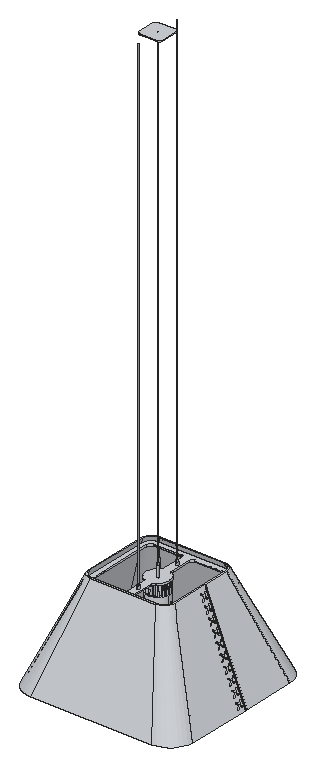
Revit family "BuzziSpace - BuzziShade - Square2", category Lighting Fixtures, host Ceiling, Revit 2019
Family settings
  Host = Ceiling
  Round Connector Dimension = Use Diameter
  Part Type = Normal
  OmniClass Number = 23.80.70.11
  OmniClass Title = Luminaries for Internal Lighting
  Always vertical = Yes
  Cut with Voids When Loaded = No
  Light Source = Yes
  Shared = No
  Room Calculation Point = No
Parameters (values of type "Spot Medium")
  Width Toggle [instance] = if(Beam, 2, 1)  # 1
  Wattage = 12.1178 W
  built-in parameter 1150110 = 1 (stored number, unit not read)
  URL = "https://www.buzzi.space/acoustic-solutions/buzzishade-square"
  built-in parameter 1114217 = 1 (stored number, unit not read)
  built-in parameter 1150109 = 1 (stored number, unit not read)
  built-in parameter 1150134 = (empty or 0)
  Suspension Length Control [instance] = if(Suspension Length > 16' 4 109/128", 16' 4 109/128", if(Suspension Length < 2' 0", 2' 0", Suspension Length))  # 7' - 0"
  Suspension Length [instance] = 7' - 0"
  built-in parameter 1150113 = 1 (stored number, unit not read)
  Solo Cable Adjustment [instance] = 0' - 0 13/16"
  Mounting [instance] = none
  Model = "BuzziShade"  # constant formula
  Medium = not(Beam)  # yes
  Manufacturer = "BuzziSpace"  # constant formula
  Lumens = 1800 lm
  built-in parameter 1150115 = 1 (stored number, unit not read)
  built-in parameter 1150105 = 143.24 (stored number, unit not read)
  Light Toggle = 3
  Light Source Symbol Size = 1' - 6"
  Light Offset [instance] = Suspension Length Control + 1' 0"  # 8' - 0"
  built-in parameter 1150137 = (empty or 0)
  built-in parameter 1150139 = (empty or 0)
  built-in parameter 1150112 = 1 (stored number, unit not read)
  built-in parameter 1150114 = 1 (stored number, unit not read)
  Lace [instance] = none
  built-in parameter 1150132 = 2
  built-in parameter 1150102 = (empty or 0)
  built-in parameter 1150138 = (empty or 0)
  built-in parameter 1150107 = 3000 (stored number, unit not read)
  built-in parameter 1150106 = 1.4324 (stored number, unit not read)
  Mounting Suspension Length [instance] = if(Beam, Suspension Length Control + 0' 2 7/8", Suspension Length Control + 0' 1 57/64")  # 7' - 1 57/64"
  Glass [instance] = none
  Frame [instance] = none
  Felt [instance] = none
  built-in parameter 1150104 = 13.8 (stored number, unit not read)
  Dimming Lamp Color Temperature Shift = <None>
  Description = "BuzziShade Square"  # constant formula
  Color Filter = 16777215
  Cable [instance] = none
  Beam = no
  built-in parameter 1114218 = 1 (stored number, unit not read)
  Author URL = "https://www.ottobim.com/"
  Author = "ottobim"  # constant formula
  built-in parameter 1150133 = 10 (stored number, unit not read)
Reference planes (in)
  plane 1 "Light Source Axis (F/B)": y = 0
  plane 2 "Ceiling": z = 96
  plane 3 "Light Source Axis (L/R)": x = 0
  plane 4 "Light Source Elevation": z = 0
  plane 5 "Mask": z = 0
Forms (in)
  Revolve 1, solid, material <- "Cable", visible <- "Medium"
    sketch origin (0, 0, 0) x (0, 1, 0) y (0, 0, 1)
      loop
        line (4.24371, 96) -> (4.21246, 96) -> (4.21246, 10.10192) -> (4.14464, 10.10192) -> (4.14464, 9.77103) -> (4.04534, 9.77103) -> (4.04534, 9.375) -> (4.24371, 9.375) -> (4.24371, 96)
      axis (4.24371, 9.375) -> (4.24371, 96)
    angle from 0 to 360
  Revolve 2, solid, material <- "Cable", visible <- "Medium"
    sketch origin (0, -8.54025, 0) x (0, 1, 0) y (0, 0, 1)
      loop
        line (4.24371, 96) -> (4.21246, 96) -> (4.21246, 10.10192) -> (4.14464, 10.10192) -> (4.14464, 9.77103) -> (4.04534, 9.77103) -> (4.04534, 9.375) -> (4.24371, 9.375) -> (4.24371, 96)
      axis (4.24371, 9.375) -> (4.24371, 96)
    angle from 0 to 360
Lines and regions (in)
  Masking region 1, visible <- "Medium"
    outline origin (0, 0, 48) x (-1, 0, 0) y (0, -1, 0)
      loop
        arc (14.79872, 10.73976) -> (13.62715, 13.56819) -> (10.79872, 14.73976) r 4
        line (10.79872, 14.73976) -> (-10.79872, 14.73976)
        arc (-10.79872, 14.73976) -> (-13.62715, 13.56819) -> (-14.79872, 10.73976) r 4
        line (-14.79872, 10.73976) -> (-14.79872, -10.73976)
        arc (-14.79872, -10.73976) -> (-13.62715, -13.56819) -> (-10.79872, -14.73976) r 4
        line (-10.79872, -14.73976) -> (10.79872, -14.73976)
        arc (10.79872, -14.73976) -> (13.62715, -13.56819) -> (14.79872, -10.73976) r 4
        line (14.79872, -10.73976) -> (14.79872, 10.73976)
      loop
        arc (5.86565, -6.73526) -> (6.51081, -6.46803) -> (6.77805, -5.82286) r 0.9124
        line (6.77805, -5.82286) -> (6.77805, 5.82286)
        arc (6.77805, 5.82286) -> (6.51081, 6.46803) -> (5.86565, 6.73526) r 0.9124
        line (5.86565, 6.73526) -> (1.33716, 6.73526)
        arc (1.33716, 6.73526) -> (0.85342, 6.53489) -> (0.65305, 6.05116) r 0.68411
        line (0.65305, 6.05116) -> (0.65305, 2.43789)
        arc (0.65305, 2.43789) -> (0.75854, 2.04419) -> (1.04675, 1.75598) r 0.7874
        arc (1.04675, 1.75598) -> (2.06057, 0) -> (1.04675, -1.75598) r 2.02763
        arc (1.04675, -1.75598) -> (0.75854, -2.04419) -> (0.65305, -2.43789) r 0.7874
        line (0.65305, -2.43789) -> (0.65305, -6.15357)
        arc (0.65305, -6.15357) -> (0.82343, -6.56489) -> (1.23474, -6.73526) r 0.58169
        line (1.23474, -6.73526) -> (5.86565, -6.73526)
      loop
        arc (-0.65305, -2.43789) -> (-0.75854, -2.04419) -> (-1.04675, -1.75598) r 0.7874
        arc (-1.04675, -1.75598) -> (-2.06057, 0) -> (-1.04675, 1.75598) r 2.02763
        arc (-1.04675, 1.75598) -> (-0.75854, 2.04419) -> (-0.65305, 2.43789) r 0.7874
        line (-0.65305, 2.43789) -> (-0.65305, 6.05116)
        arc (-0.65305, 6.05116) -> (-0.85342, 6.53489) -> (-1.33716, 6.73526) r 0.68411
        line (-1.33716, 6.73526) -> (-5.86565, 6.73526)
        arc (-5.86565, 6.73526) -> (-6.51081, 6.46803) -> (-6.77805, 5.82286) r 0.9124
        line (-6.77805, 5.82286) -> (-6.77805, -5.82286)
        arc (-6.77805, -5.82286) -> (-6.51081, -6.46803) -> (-5.86565, -6.73526) r 0.9124
        line (-5.86565, -6.73526) -> (-1.23474, -6.73526)
        arc (-1.23474, -6.73526) -> (-0.82343, -6.56489) -> (-0.65305, -6.15357) r 0.58169
        line (-0.65305, -6.15357) -> (-0.65305, -2.43789)
  Masking region 2, visible <- "Beam"
    outline origin (0, 0, 0) x (-1, 0, 0) y (0, -1, 0)
      loop
        arc (25.48622, -14.73976) -> (28.31465, -13.56819) -> (29.48622, -10.73976) r 4
        line (29.48622, -10.73976) -> (29.48622, 10.73976)
        arc (29.48622, 10.73976) -> (28.31465, 13.56819) -> (25.48622, 14.73976) r 4
        line (25.48622, 14.73976) -> (-25.48622, 14.73976)
        arc (-25.48622, 14.73976) -> (-28.31465, 13.56819) -> (-29.48622, 10.73976) r 4
        line (-29.48622, 10.73976) -> (-29.48622, -10.73976)
        arc (-29.48622, -10.73976) -> (-28.31465, -13.56819) -> (-25.48622, -14.73976) r 4
        line (-25.48622, -14.73976) -> (25.48622, -14.73976)
      loop
        arc (21.46555, 5.82286) -> (21.19831, 6.46803) -> (20.55315, 6.73526) r 0.9124
        line (20.55315, 6.73526) -> (16.02466, 6.73526)
        arc (16.02466, 6.73526) -> (15.54092, 6.53489) -> (15.34055, 6.05116) r 0.68411
        line (15.34055, 6.05116) -> (15.34055, 2.43789)
        arc (15.34055, 2.43789) -> (15.44604, 2.04419) -> (15.73425, 1.75598) r 0.7874
        arc (15.73425, 1.75598) -> (16.74807, 0) -> (15.73425, -1.75598) r 2.02763
        arc (15.73425, -1.75598) -> (15.44604, -2.04419) -> (15.34055, -2.43789) r 0.7874
        line (15.34055, -2.43789) -> (15.34055, -6.15357)
        arc (15.34055, -6.15357) -> (15.51093, -6.56489) -> (15.92224, -6.73526) r 0.58169
        line (15.92224, -6.73526) -> (20.55315, -6.73526)
        arc (20.55315, -6.73526) -> (21.19831, -6.46803) -> (21.46555, -5.82286) r 0.9124
        line (21.46555, -5.82286) -> (21.46555, 5.82286)
      loop
        line (14.15945, -6.15357) -> (14.15945, -2.43789)
        arc (14.15945, -2.43789) -> (14.05396, -2.04419) -> (13.76575, -1.75598) r 0.7874
        arc (13.76575, -1.75598) -> (12.75193, 0) -> (13.76575, 1.75598) r 2.02763
        arc (13.76575, 1.75598) -> (14.05396, 2.04419) -> (14.15945, 2.43789) r 0.7874
        line (14.15945, 2.43789) -> (14.15945, 6.05116)
        arc (14.15945, 6.05116) -> (13.95908, 6.53489) -> (13.47534, 6.73526) r 0.68411
        line (13.47534, 6.73526) -> (1.27466, 6.73526)
        arc (1.27466, 6.73526) -> (0.79092, 6.53489) -> (0.59055, 6.05116) r 0.68411
        line (0.59055, 6.05116) -> (0.59055, 2.43789)
        arc (0.59055, 2.43789) -> (0.69604, 2.04419) -> (0.98425, 1.75598) r 0.7874
        arc (0.98425, 1.75598) -> (1.99807, 0) -> (0.98425, -1.75598) r 2.02763
        arc (0.98425, -1.75598) -> (0.69604, -2.04419) -> (0.59055, -2.43789) r 0.7874
        line (0.59055, -2.43789) -> (0.59055, -6.15357)
        arc (0.59055, -6.15357) -> (0.76093, -6.56489) -> (1.17224, -6.73526) r 0.58169
        line (1.17224, -6.73526) -> (13.57776, -6.73526)
        arc (13.57776, -6.73526) -> (13.98907, -6.56489) -> (14.15945, -6.15357) r 0.58169
      loop
        line (-0.59055, -6.15357) -> (-0.59055, -2.43789)
        arc (-0.59055, -2.43789) -> (-0.69604, -2.04419) -> (-0.98425, -1.75598) r 0.7874
        arc (-0.98425, -1.75598) -> (-1.99807, 0) -> (-0.98425, 1.75598) r 2.02763
        arc (-0.98425, 1.75598) -> (-0.69604, 2.04419) -> (-0.59055, 2.43789) r 0.7874
        line (-0.59055, 2.43789) -> (-0.59055, 6.05116)
        arc (-0.59055, 6.05116) -> (-0.79092, 6.53489) -> (-1.27466, 6.73526) r 0.68411
        line (-1.27466, 6.73526) -> (-13.47534, 6.73526)
        arc (-13.47534, 6.73526) -> (-13.95908, 6.53489) -> (-14.15945, 6.05116) r 0.68411
        line (-14.15945, 6.05116) -> (-14.15945, 2.43789)
        arc (-14.15945, 2.43789) -> (-14.05396, 2.04419) -> (-13.76575, 1.75598) r 0.7874
        arc (-13.76575, 1.75598) -> (-12.75193, 0) -> (-13.76575, -1.75598) r 2.02763
        arc (-13.76575, -1.75598) -> (-14.05396, -2.04419) -> (-14.15945, -2.43789) r 0.7874
        line (-14.15945, -2.43789) -> (-14.15945, -6.15357)
        arc (-14.15945, -6.15357) -> (-13.98907, -6.56489) -> (-13.57776, -6.73526) r 0.58169
        line (-13.57776, -6.73526) -> (-1.17224, -6.73526)
        arc (-1.17224, -6.73526) -> (-0.76093, -6.56489) -> (-0.59055, -6.15357) r 0.58169
      loop
        arc (-15.34055, -2.43789) -> (-15.44604, -2.04419) -> (-15.73425, -1.75598) r 0.7874
        arc (-15.73425, -1.75598) -> (-16.74807, 0) -> (-15.73425, 1.75598) r 2.02763
        arc (-15.73425, 1.75598) -> (-15.44604, 2.04419) -> (-15.34055, 2.43789) r 0.7874
        line (-15.34055, 2.43789) -> (-15.34055, 6.05116)
        arc (-15.34055, 6.05116) -> (-15.54092, 6.53489) -> (-16.02466, 6.73526) r 0.68411
        line (-16.02466, 6.73526) -> (-20.55315, 6.73526)
        arc (-20.55315, 6.73526) -> (-21.19831, 6.46803) -> (-21.46555, 5.82286) r 0.9124
        line (-21.46555, 5.82286) -> (-21.46555, -5.82286)
        arc (-21.46555, -5.82286) -> (-21.19831, -6.46803) -> (-20.55315, -6.73526) r 0.9124
        line (-20.55315, -6.73526) -> (-15.92224, -6.73526)
        arc (-15.92224, -6.73526) -> (-15.51093, -6.56489) -> (-15.34055, -6.15357) r 0.58169
        line (-15.34055, -6.15357) -> (-15.34055, -2.43789)
  symbolic lines, visible <- "Medium", detail levels medium+fine
    curve 1: line (5.86565, 7.61026, 0) -> (-5.86565, 7.61026, 0)
    curve 2: line (7.65305, -5.82286, 0) -> (7.65305, 5.82286, 0)
    curve 3: line (-7.65305, 5.82286, 0) -> (-7.65305, -5.82286, 0)
    curve 4: line (-5.86565, -7.61026, 0) -> (5.86565, -7.61026, 0)
    curve 5: line (-13.54872, -10.73976, 0) -> (-13.54872, 10.73976, 0)
    curve 6: line (-10.79872, 13.48976, 0) -> (10.79872, 13.48976, 0)
    curve 7: line (13.54872, 10.73976, 0) -> (13.54872, -10.73976, 0)
    curve 8: line (10.79872, -13.48976, 0) -> (-10.79872, -13.48976, 0)
    curve 9: arc (-13.54872, 10.73976, 0) -> (-12.74326, 12.68431, 0) -> (-10.79872, 13.48976, 0) r 2.75
    curve 10: arc (10.79872, 13.48976, 0) -> (12.74326, 12.68431, 0) -> (13.54872, 10.73976, 0) r 2.75
    curve 11: arc (10.79872, -13.48976, 0) -> (12.74326, -12.68431, 0) -> (13.54872, -10.73976, 0) r 2.75
    curve 12: arc (-10.79872, -13.48976, 0) -> (-12.74326, -12.68431, 0) -> (-13.54872, -10.73976, 0) r 2.75
    curve 13: arc (5.86565, 7.61026, 0) -> (7.12953, 7.08674, 0) -> (7.65305, 5.82286, 0) r 1.7874
    curve 14: arc (-7.65305, 5.82286, 0) -> (-7.12953, 7.08674, 0) -> (-5.86565, 7.61026, 0) r 1.7874
    curve 15: arc (-7.65305, -5.82286, 0) -> (-7.12953, -7.08674, 0) -> (-5.86565, -7.61026, 0) r 1.7874
    curve 16: arc (7.65305, -5.82286, 0) -> (7.12953, -7.08674, 0) -> (5.86565, -7.61026, 0) r 1.7874
  symbolic lines, visible <- "Medium", detail levels fine
    curve 17: line (8.12482, 0, 0) -> (7.9509, 0.45807, 0)
    curve 18: spline (7.9509, 0.45807, 0) -> (7.94811, 0.46702, 0) -> (7.94604, 0.47723, 0) -> (7.94476, 0.48831, 0) -> (7.94433, 0.49983, 0) -> (7.94476, 0.51135, 0) -> (7.94604, 0.52243, 0) -> (7.94811, 0.53264, 0) -> (7.9509, 0.54158, 0) -> (7.9543, 0.54893, 0) -> (7.95817, 0.55439, 0) -> (7.96238, 0.55775, 0) -> (7.96675, 0.55888, 0)
    curve 19: spline (8.09825, 0.54158, 0) -> (8.09718, 0.54423, 0) -> (8.09604, 0.54668, 0) -> (8.09485, 0.54893, 0) -> (8.0936, 0.55097, 0) -> (8.09231, 0.55279, 0) -> (8.09097, 0.55439, 0) -> (8.0896, 0.55575, 0) -> (8.0882, 0.55687, 0) -> (8.08677, 0.55775, 0) -> (8.08532, 0.55838, 0) -> (8.08386, 0.55875, 0) -> (8.08239, 0.55888, 0)
    curve 20: line (8.08239, 0.55888, 0) -> (7.96675, 0.55888, 0)
    curve 21: line (8.12482, 0, 0) -> (7.9509, -0.45807, 0)
    curve 22: spline (7.9509, -0.45807, 0) -> (7.94811, -0.46702, 0) -> (7.94604, -0.47723, 0) -> (7.94476, -0.48831, 0) -> (7.94433, -0.49983, 0) -> (7.94476, -0.51135, 0) -> (7.94604, -0.52243, 0) -> (7.94811, -0.53264, 0) -> (7.9509, -0.54158, 0) -> (7.9543, -0.54893, 0) -> (7.95817, -0.55439, 0) -> (7.96238, -0.55775, 0) -> (7.96675, -0.55888, 0)
    curve 23: spline (8.09825, -0.54158, 0) -> (8.09718, -0.54423, 0) -> (8.09604, -0.54668, 0) -> (8.09485, -0.54893, 0) -> (8.0936, -0.55097, 0) -> (8.09231, -0.55279, 0) -> (8.09097, -0.55439, 0) -> (8.0896, -0.55575, 0) -> (8.0882, -0.55687, 0) -> (8.08677, -0.55775, 0) -> (8.08532, -0.55838, 0) -> (8.08386, -0.55875, 0) -> (8.08239, -0.55888, 0)
    curve 24: line (8.08239, -0.55888, 0) -> (7.96675, -0.55888, 0)
    curve 25: line (8.21435, -0.2358, 0) -> (8.09825, -0.54158, 0)
    curve 26: spline (8.47252, 0.4757, 0) -> (8.47375, 0.48493, 0) -> (8.47439, 0.49458, 0) -> (8.47441, 0.50437, 0) -> (8.47382, 0.51403, 0) -> (8.47263, 0.52331, 0) -> (8.47087, 0.53194, 0) -> (8.4686, 0.53969, 0) -> (8.46587, 0.54634, 0) -> (8.46276, 0.55171, 0) -> (8.45936, 0.55566, 0) -> (8.45576, 0.55807, 0) -> (8.45205, 0.55888, 0)
    curve 27: line (8.45205, 0.55888, 0) -> (8.33702, 0.55888, 0)
    curve 28: line (8.21435, 0.2358, 0) -> (8.09825, 0.54158, 0)
    curve 29: line (8.33702, 0.55888, 0) -> (8.21435, 0.2358, 0)
    curve 30: line (8.47252, 0.4757, 0) -> (8.2968, 0.01289, 0)
    curve 31: line (8.33702, -0.55888, 0) -> (8.21435, -0.2358, 0)
    curve 32: line (8.46184, -0.55888, 0) -> (8.33702, -0.55888, 0)
    curve 33: spline (8.48231, -0.4757, 0) -> (8.48354, -0.48493, 0) -> (8.48418, -0.49458, 0) -> (8.4842, -0.50437, 0) -> (8.48361, -0.51403, 0) -> (8.48242, -0.52331, 0) -> (8.48066, -0.53194, 0) -> (8.47839, -0.53969, 0) -> (8.47566, -0.54634, 0) -> (8.47255, -0.55171, 0) -> (8.46915, -0.55566, 0) -> (8.46555, -0.55807, 0) -> (8.46184, -0.55888, 0)
    curve 34: line (8.48231, -0.4757, 0) -> (8.2968, 0.01289, 0)
    curve 339: line (8.81232, 0, 0) -> (8.6384, 0.45807, 0)
    curve 340: spline (8.6384, 0.45807, 0) -> (8.63561, 0.46702, 0) -> (8.63354, 0.47723, 0) -> (8.63226, 0.48831, 0) -> (8.63183, 0.49983, 0) -> (8.63226, 0.51135, 0) -> (8.63354, 0.52243, 0) -> (8.63561, 0.53264, 0) -> (8.6384, 0.54158, 0) -> (8.6418, 0.54893, 0) -> (8.64567, 0.55439, 0) -> (8.64988, 0.55775, 0) -> (8.65425, 0.55888, 0)
    curve 341: spline (8.78575, 0.54158, 0) -> (8.78468, 0.54423, 0) -> (8.78354, 0.54668, 0) -> (8.78235, 0.54893, 0) -> (8.7811, 0.55097, 0) -> (8.77981, 0.55279, 0) -> (8.77847, 0.55439, 0) -> (8.7771, 0.55575, 0) -> (8.7757, 0.55687, 0) -> (8.77427, 0.55775, 0) -> (8.77282, 0.55838, 0) -> (8.77136, 0.55875, 0) -> (8.76989, 0.55888, 0)
    curve 342: line (8.76989, 0.55888, 0) -> (8.65425, 0.55888, 0)
    curve 343: line (8.81232, 0, 0) -> (8.6384, -0.45807, 0)
    curve 344: spline (8.6384, -0.45807, 0) -> (8.63561, -0.46702, 0) -> (8.63354, -0.47723, 0) -> (8.63226, -0.48831, 0) -> (8.63183, -0.49983, 0) -> (8.63226, -0.51135, 0) -> (8.63354, -0.52243, 0) -> (8.63561, -0.53264, 0) -> (8.6384, -0.54158, 0) -> (8.6418, -0.54893, 0) -> (8.64567, -0.55439, 0) -> (8.64988, -0.55775, 0) -> (8.65425, -0.55888, 0)
    curve 345: spline (8.78575, -0.54158, 0) -> (8.78468, -0.54423, 0) -> (8.78354, -0.54668, 0) -> (8.78235, -0.54893, 0) -> (8.7811, -0.55097, 0) -> (8.77981, -0.55279, 0) -> (8.77847, -0.55439, 0) -> (8.7771, -0.55575, 0) -> (8.7757, -0.55687, 0) -> (8.77427, -0.55775, 0) -> (8.77282, -0.55838, 0) -> (8.77136, -0.55875, 0) -> (8.76989, -0.55888, 0)
    curve 346: line (8.76989, -0.55888, 0) -> (8.65425, -0.55888, 0)
    curve 347: line (8.90185, -0.2358, 0) -> (8.78575, -0.54158, 0)
    curve 348: spline (9.16002, 0.4757, 0) -> (9.16125, 0.48493, 0) -> (9.16189, 0.49458, 0) -> (9.16191, 0.50437, 0) -> (9.16132, 0.51403, 0) -> (9.16013, 0.52331, 0) -> (9.15837, 0.53194, 0) -> (9.1561, 0.53969, 0) -> (9.15337, 0.54634, 0) -> (9.15026, 0.55171, 0) -> (9.14686, 0.55566, 0) -> (9.14326, 0.55807, 0) -> (9.13955, 0.55888, 0)
    curve 349: line (9.13955, 0.55888, 0) -> (9.02452, 0.55888, 0)
    curve 350: line (8.90185, 0.2358, 0) -> (8.78575, 0.54158, 0)
    curve 351: line (9.02452, 0.55888, 0) -> (8.90185, 0.2358, 0)
    curve 352: line (9.16002, 0.4757, 0) -> (8.9843, 0.01289, 0)
    curve 353: line (9.02452, -0.55888, 0) -> (8.90185, -0.2358, 0)
    curve 354: line (9.14934, -0.55888, 0) -> (9.02452, -0.55888, 0)
    curve 355: spline (9.16981, -0.4757, 0) -> (9.17104, -0.48493, 0) -> (9.17168, -0.49458, 0) -> (9.1717, -0.50437, 0) -> (9.17111, -0.51403, 0) -> (9.16992, -0.52331, 0) -> (9.16816, -0.53194, 0) -> (9.16589, -0.53969, 0) -> (9.16316, -0.54634, 0) -> (9.16005, -0.55171, 0) -> (9.15665, -0.55566, 0) -> (9.15305, -0.55807, 0) -> (9.14934, -0.55888, 0)
    curve 356: line (9.16981, -0.4757, 0) -> (8.9843, 0.01289, 0)
    curve 357: line (9.49982, 0, 0) -> (9.3259, 0.45807, 0)
    curve 358: spline (9.3259, 0.45807, 0) -> (9.32311, 0.46702, 0) -> (9.32104, 0.47723, 0) -> (9.31976, 0.48831, 0) -> (9.31933, 0.49983, 0) -> (9.31976, 0.51135, 0) -> (9.32104, 0.52243, 0) -> (9.32311, 0.53264, 0) -> (9.3259, 0.54158, 0) -> (9.3293, 0.54893, 0) -> (9.33317, 0.55439, 0) -> (9.33738, 0.55775, 0) -> (9.34175, 0.55888, 0)
    curve 359: spline (9.47325, 0.54158, 0) -> (9.47218, 0.54423, 0) -> (9.47104, 0.54668, 0) -> (9.46985, 0.54893, 0) -> (9.4686, 0.55097, 0) -> (9.46731, 0.55279, 0) -> (9.46597, 0.55439, 0) -> (9.4646, 0.55575, 0) -> (9.4632, 0.55687, 0) -> (9.46177, 0.55775, 0) -> (9.46032, 0.55838, 0) -> (9.45886, 0.55875, 0) -> (9.45739, 0.55888, 0)
    curve 360: line (9.45739, 0.55888, 0) -> (9.34175, 0.55888, 0)
    curve 361: line (9.49982, 0, 0) -> (9.3259, -0.45807, 0)
    curve 362: spline (9.3259, -0.45807, 0) -> (9.32311, -0.46702, 0) -> (9.32104, -0.47723, 0) -> (9.31976, -0.48831, 0) -> (9.31933, -0.49983, 0) -> (9.31976, -0.51135, 0) -> (9.32104, -0.52243, 0) -> (9.32311, -0.53264, 0) -> (9.3259, -0.54158, 0) -> (9.3293, -0.54893, 0) -> (9.33317, -0.55439, 0) -> (9.33738, -0.55775, 0) -> (9.34175, -0.55888, 0)
    curve 363: spline (9.47325, -0.54158, 0) -> (9.47218, -0.54423, 0) -> (9.47104, -0.54668, 0) -> (9.46985, -0.54893, 0) -> (9.4686, -0.55097, 0) -> (9.46731, -0.55279, 0) -> (9.46597, -0.55439, 0) -> (9.4646, -0.55575, 0) -> (9.4632, -0.55687, 0) -> (9.46177, -0.55775, 0) -> (9.46032, -0.55838, 0) -> (9.45886, -0.55875, 0) -> (9.45739, -0.55888, 0)
    curve 364: line (9.45739, -0.55888, 0) -> (9.34175, -0.55888, 0)
    curve 365: line (9.58935, -0.2358, 0) -> (9.47325, -0.54158, 0)
    curve 366: spline (9.84752, 0.4757, 0) -> (9.84875, 0.48493, 0) -> (9.84939, 0.49458, 0) -> (9.84941, 0.50437, 0) -> (9.84882, 0.51403, 0) -> (9.84763, 0.52331, 0) -> (9.84587, 0.53194, 0) -> (9.8436, 0.53969, 0) -> (9.84087, 0.54634, 0) -> (9.83776, 0.55171, 0) -> (9.83436, 0.55566, 0) -> (9.83076, 0.55807, 0) -> (9.82705, 0.55888, 0)
    curve 367: line (9.82705, 0.55888, 0) -> (9.71202, 0.55888, 0)
    curve 368: line (9.58935, 0.2358, 0) -> (9.47325, 0.54158, 0)
    curve 369: line (9.71202, 0.55888, 0) -> (9.58935, 0.2358, 0)
    curve 370: line (9.84752, 0.4757, 0) -> (9.6718, 0.01289, 0)
    curve 371: line (9.71202, -0.55888, 0) -> (9.58935, -0.2358, 0)
    curve 372: line (9.83684, -0.55888, 0) -> (9.71202, -0.55888, 0)
    curve 373: spline (9.85731, -0.4757, 0) -> (9.85854, -0.48493, 0) -> (9.85918, -0.49458, 0) -> (9.8592, -0.50437, 0) -> (9.85861, -0.51403, 0) -> (9.85742, -0.52331, 0) -> (9.85566, -0.53194, 0) -> (9.85339, -0.53969, 0) -> (9.85066, -0.54634, 0) -> (9.84755, -0.55171, 0) -> (9.84415, -0.55566, 0) -> (9.84055, -0.55807, 0) -> (9.83684, -0.55888, 0)
    curve 374: line (9.85731, -0.4757, 0) -> (9.6718, 0.01289, 0)
    curve 375: line (10.18732, 0, 0) -> (10.0134, 0.45807, 0)
    curve 376: spline (10.0134, 0.45807, 0) -> (10.01061, 0.46702, 0) -> (10.00854, 0.47723, 0) -> (10.00726, 0.48831, 0) -> (10.00683, 0.49983, 0) -> (10.00726, 0.51135, 0) -> (10.00854, 0.52243, 0) -> (10.01061, 0.53264, 0) -> (10.0134, 0.54158, 0) -> (10.0168, 0.54893, 0) -> (10.02067, 0.55439, 0) -> (10.02488, 0.55775, 0) -> (10.02925, 0.55888, 0)
    curve 377: spline (10.16075, 0.54158, 0) -> (10.15968, 0.54423, 0) -> (10.15854, 0.54668, 0) -> (10.15735, 0.54893, 0) -> (10.1561, 0.55097, 0) -> (10.15481, 0.55279, 0) -> (10.15347, 0.55439, 0) -> (10.1521, 0.55575, 0) -> (10.1507, 0.55687, 0) -> (10.14927, 0.55775, 0) -> (10.14782, 0.55838, 0) -> (10.14636, 0.55875, 0) -> (10.14489, 0.55888, 0)
    curve 378: line (10.14489, 0.55888, 0) -> (10.02925, 0.55888, 0)
    curve 379: line (10.18732, 0, 0) -> (10.0134, -0.45807, 0)
    curve 380: spline (10.0134, -0.45807, 0) -> (10.01061, -0.46702, 0) -> (10.00854, -0.47723, 0) -> (10.00726, -0.48831, 0) -> (10.00683, -0.49983, 0) -> (10.00726, -0.51135, 0) -> (10.00854, -0.52243, 0) -> (10.01061, -0.53264, 0) -> (10.0134, -0.54158, 0) -> (10.0168, -0.54893, 0) -> (10.02067, -0.55439, 0) -> (10.02488, -0.55775, 0) -> (10.02925, -0.55888, 0)
    curve 381: spline (10.16075, -0.54158, 0) -> (10.15968, -0.54423, 0) -> (10.15854, -0.54668, 0) -> (10.15735, -0.54893, 0) -> (10.1561, -0.55097, 0) -> (10.15481, -0.55279, 0) -> (10.15347, -0.55439, 0) -> (10.1521, -0.55575, 0) -> (10.1507, -0.55687, 0) -> (10.14927, -0.55775, 0) -> (10.14782, -0.55838, 0) -> (10.14636, -0.55875, 0) -> (10.14489, -0.55888, 0)
    curve 382: line (10.14489, -0.55888, 0) -> (10.02925, -0.55888, 0)
    curve 383: line (10.27685, -0.2358, 0) -> (10.16075, -0.54158, 0)
    curve 384: spline (10.53502, 0.4757, 0) -> (10.53625, 0.48493, 0) -> (10.53689, 0.49458, 0) -> (10.53691, 0.50437, 0) -> (10.53632, 0.51403, 0) -> (10.53513, 0.52331, 0) -> (10.53337, 0.53194, 0) -> (10.5311, 0.53969, 0) -> (10.52837, 0.54634, 0) -> (10.52526, 0.55171, 0) -> (10.52186, 0.55566, 0) -> (10.51826, 0.55807, 0) -> (10.51455, 0.55888, 0)
    curve 385: line (10.51455, 0.55888, 0) -> (10.39952, 0.55888, 0)
    curve 386: line (10.27685, 0.2358, 0) -> (10.16075, 0.54158, 0)
    curve 387: line (10.39952, 0.55888, 0) -> (10.27685, 0.2358, 0)
    curve 388: line (10.53502, 0.4757, 0) -> (10.3593, 0.01289, 0)
    curve 389: line (10.39952, -0.55888, 0) -> (10.27685, -0.2358, 0)
    curve 390: line (10.52434, -0.55888, 0) -> (10.39952, -0.55888, 0)
    curve 391: spline (10.54481, -0.4757, 0) -> (10.54604, -0.48493, 0) -> (10.54668, -0.49458, 0) -> (10.5467, -0.50437, 0) -> (10.54611, -0.51403, 0) -> (10.54492, -0.52331, 0) -> (10.54316, -0.53194, 0) -> (10.54089, -0.53969, 0) -> (10.53816, -0.54634, 0) -> (10.53505, -0.55171, 0) -> (10.53165, -0.55566, 0) -> (10.52805, -0.55807, 0) -> (10.52434, -0.55888, 0)
    curve 392: line (10.54481, -0.4757, 0) -> (10.3593, 0.01289, 0)
    curve 393: line (10.87482, 0, 0) -> (10.7009, 0.45807, 0)
    curve 394: spline (10.7009, 0.45807, 0) -> (10.69811, 0.46702, 0) -> (10.69604, 0.47723, 0) -> (10.69476, 0.48831, 0) -> (10.69433, 0.49983, 0) -> (10.69476, 0.51135, 0) -> (10.69604, 0.52243, 0) -> (10.69811, 0.53264, 0) -> (10.7009, 0.54158, 0) -> (10.7043, 0.54893, 0) -> (10.70817, 0.55439, 0) -> (10.71238, 0.55775, 0) -> (10.71675, 0.55888, 0)
    curve 395: spline (10.84825, 0.54158, 0) -> (10.84718, 0.54423, 0) -> (10.84604, 0.54668, 0) -> (10.84485, 0.54893, 0) -> (10.8436, 0.55097, 0) -> (10.84231, 0.55279, 0) -> (10.84097, 0.55439, 0) -> (10.8396, 0.55575, 0) -> (10.8382, 0.55687, 0) -> (10.83677, 0.55775, 0) -> (10.83532, 0.55838, 0) -> (10.83386, 0.55875, 0) -> (10.83239, 0.55888, 0)
    curve 396: line (10.83239, 0.55888, 0) -> (10.71675, 0.55888, 0)
    curve 397: line (10.87482, 0, 0) -> (10.7009, -0.45807, 0)
    curve 398: spline (10.7009, -0.45807, 0) -> (10.69811, -0.46702, 0) -> (10.69604, -0.47723, 0) -> (10.69476, -0.48831, 0) -> (10.69433, -0.49983, 0) -> (10.69476, -0.51135, 0) -> (10.69604, -0.52243, 0) -> (10.69811, -0.53264, 0) -> (10.7009, -0.54158, 0) -> (10.7043, -0.54893, 0) -> (10.70817, -0.55439, 0) -> (10.71238, -0.55775, 0) -> (10.71675, -0.55888, 0)
    curve 399: spline (10.84825, -0.54158, 0) -> (10.84718, -0.54423, 0) -> (10.84604, -0.54668, 0) -> (10.84485, -0.54893, 0) -> (10.8436, -0.55097, 0) -> (10.84231, -0.55279, 0) -> (10.84097, -0.55439, 0) -> (10.8396, -0.55575, 0) -> (10.8382, -0.55687, 0) -> (10.83677, -0.55775, 0) -> (10.83532, -0.55838, 0) -> (10.83386, -0.55875, 0) -> (10.83239, -0.55888, 0)
    curve 400: line (10.83239, -0.55888, 0) -> (10.71675, -0.55888, 0)
    curve 401: line (10.96435, -0.2358, 0) -> (10.84825, -0.54158, 0)
    curve 402: spline (11.22252, 0.4757, 0) -> (11.22375, 0.48493, 0) -> (11.22439, 0.49458, 0) -> (11.22441, 0.50437, 0) -> (11.22382, 0.51403, 0) -> (11.22263, 0.52331, 0) -> (11.22087, 0.53194, 0) -> (11.2186, 0.53969, 0) -> (11.21587, 0.54634, 0) -> (11.21276, 0.55171, 0) -> (11.20936, 0.55566, 0) -> (11.20576, 0.55807, 0) -> (11.20205, 0.55888, 0)
    curve 403: line (11.20205, 0.55888, 0) -> (11.08702, 0.55888, 0)
    curve 404: line (10.96435, 0.2358, 0) -> (10.84825, 0.54158, 0)
    curve 405: line (11.08702, 0.55888, 0) -> (10.96435, 0.2358, 0)
    curve 406: line (11.22252, 0.4757, 0) -> (11.0468, 0.01289, 0)
    curve 407: line (11.08702, -0.55888, 0) -> (10.96435, -0.2358, 0)
    curve 408: line (11.21184, -0.55888, 0) -> (11.08702, -0.55888, 0)
    curve 409: spline (11.23231, -0.4757, 0) -> (11.23354, -0.48493, 0) -> (11.23418, -0.49458, 0) -> (11.2342, -0.50437, 0) -> (11.23361, -0.51403, 0) -> (11.23242, -0.52331, 0) -> (11.23066, -0.53194, 0) -> (11.22839, -0.53969, 0) -> (11.22566, -0.54634, 0) -> (11.22255, -0.55171, 0) -> (11.21915, -0.55566, 0) -> (11.21555, -0.55807, 0) -> (11.21184, -0.55888, 0)
    curve 410: line (11.23231, -0.4757, 0) -> (11.0468, 0.01289, 0)
    curve 411: line (11.56232, 0, 0) -> (11.3884, 0.45807, 0)
    curve 412: spline (11.3884, 0.45807, 0) -> (11.38561, 0.46702, 0) -> (11.38354, 0.47723, 0) -> (11.38226, 0.48831, 0) -> (11.38183, 0.49983, 0) -> (11.38226, 0.51135, 0) -> (11.38354, 0.52243, 0) -> (11.38561, 0.53264, 0) -> (11.3884, 0.54158, 0) -> (11.3918, 0.54893, 0) -> (11.39567, 0.55439, 0) -> (11.39988, 0.55775, 0) -> (11.40425, 0.55888, 0)
    curve 413: spline (11.53575, 0.54158, 0) -> (11.53468, 0.54423, 0) -> (11.53354, 0.54668, 0) -> (11.53235, 0.54893, 0) -> (11.5311, 0.55097, 0) -> (11.52981, 0.55279, 0) -> (11.52847, 0.55439, 0) -> (11.5271, 0.55575, 0) -> (11.5257, 0.55687, 0) -> (11.52427, 0.55775, 0) -> (11.52282, 0.55838, 0) -> (11.52136, 0.55875, 0) -> (11.51989, 0.55888, 0)
    curve 414: line (11.51989, 0.55888, 0) -> (11.40425, 0.55888, 0)
    curve 415: line (11.56232, 0, 0) -> (11.3884, -0.45807, 0)
    curve 416: spline (11.3884, -0.45807, 0) -> (11.38561, -0.46702, 0) -> (11.38354, -0.47723, 0) -> (11.38226, -0.48831, 0) -> (11.38183, -0.49983, 0) -> (11.38226, -0.51135, 0) -> (11.38354, -0.52243, 0) -> (11.38561, -0.53264, 0) -> (11.3884, -0.54158, 0) -> (11.3918, -0.54893, 0) -> (11.39567, -0.55439, 0) -> (11.39988, -0.55775, 0) -> (11.40425, -0.55888, 0)
    curve 417: spline (11.53575, -0.54158, 0) -> (11.53468, -0.54423, 0) -> (11.53354, -0.54668, 0) -> (11.53235, -0.54893, 0) -> (11.5311, -0.55097, 0) -> (11.52981, -0.55279, 0) -> (11.52847, -0.55439, 0) -> (11.5271, -0.55575, 0) -> (11.5257, -0.55687, 0) -> (11.52427, -0.55775, 0) -> (11.52282, -0.55838, 0) -> (11.52136, -0.55875, 0) -> (11.51989, -0.55888, 0)
    curve 418: line (11.51989, -0.55888, 0) -> (11.40425, -0.55888, 0)
    curve 419: line (11.65185, -0.2358, 0) -> (11.53575, -0.54158, 0)
    curve 420: spline (11.91002, 0.4757, 0) -> (11.91125, 0.48493, 0) -> (11.91189, 0.49458, 0) -> (11.91191, 0.50437, 0) -> (11.91132, 0.51403, 0) -> (11.91013, 0.52331, 0) -> (11.90837, 0.53194, 0) -> (11.9061, 0.53969, 0) -> (11.90337, 0.54634, 0) -> (11.90026, 0.55171, 0) -> (11.89686, 0.55566, 0) -> (11.89326, 0.55807, 0) -> (11.88955, 0.55888, 0)
    curve 421: line (11.88955, 0.55888, 0) -> (11.77452, 0.55888, 0)
    curve 422: line (11.65185, 0.2358, 0) -> (11.53575, 0.54158, 0)
    curve 423: line (11.77452, 0.55888, 0) -> (11.65185, 0.2358, 0)
    curve 424: line (11.91002, 0.4757, 0) -> (11.7343, 0.01289, 0)
    curve 425: line (11.77452, -0.55888, 0) -> (11.65185, -0.2358, 0)
    curve 426: line (11.89934, -0.55888, 0) -> (11.77452, -0.55888, 0)
    curve 427: spline (11.91981, -0.4757, 0) -> (11.92104, -0.48493, 0) -> (11.92168, -0.49458, 0) -> (11.9217, -0.50437, 0) -> (11.92111, -0.51403, 0) -> (11.91992, -0.52331, 0) -> (11.91816, -0.53194, 0) -> (11.91589, -0.53969, 0) -> (11.91316, -0.54634, 0) -> (11.91005, -0.55171, 0) -> (11.90665, -0.55566, 0) -> (11.90305, -0.55807, 0) -> (11.89934, -0.55888, 0)
    curve 428: line (11.91981, -0.4757, 0) -> (11.7343, 0.01289, 0)
    curve 429: line (12.24982, 0, 0) -> (12.0759, 0.45807, 0)
    curve 430: spline (12.0759, 0.45807, 0) -> (12.07311, 0.46702, 0) -> (12.07104, 0.47723, 0) -> (12.06976, 0.48831, 0) -> (12.06933, 0.49983, 0) -> (12.06976, 0.51135, 0) -> (12.07104, 0.52243, 0) -> (12.07311, 0.53264, 0) -> (12.0759, 0.54158, 0) -> (12.0793, 0.54893, 0) -> (12.08317, 0.55439, 0) -> (12.08738, 0.55775, 0) -> (12.09175, 0.55888, 0)
    curve 431: spline (12.22325, 0.54158, 0) -> (12.22218, 0.54423, 0) -> (12.22104, 0.54668, 0) -> (12.21985, 0.54893, 0) -> (12.2186, 0.55097, 0) -> (12.21731, 0.55279, 0) -> (12.21597, 0.55439, 0) -> (12.2146, 0.55575, 0) -> (12.2132, 0.55687, 0) -> (12.21177, 0.55775, 0) -> (12.21032, 0.55838, 0) -> (12.20886, 0.55875, 0) -> (12.20739, 0.55888, 0)
    curve 432: line (12.20739, 0.55888, 0) -> (12.09175, 0.55888, 0)
    curve 433: line (12.24982, 0, 0) -> (12.0759, -0.45807, 0)
    curve 434: spline (12.0759, -0.45807, 0) -> (12.07311, -0.46702, 0) -> (12.07104, -0.47723, 0) -> (12.06976, -0.48831, 0) -> (12.06933, -0.49983, 0) -> (12.06976, -0.51135, 0) -> (12.07104, -0.52243, 0) -> (12.07311, -0.53264, 0) -> (12.0759, -0.54158, 0) -> (12.0793, -0.54893, 0) -> (12.08317, -0.55439, 0) -> (12.08738, -0.55775, 0) -> (12.09175, -0.55888, 0)
    curve 435: spline (12.22325, -0.54158, 0) -> (12.22218, -0.54423, 0) -> (12.22104, -0.54668, 0) -> (12.21985, -0.54893, 0) -> (12.2186, -0.55097, 0) -> (12.21731, -0.55279, 0) -> (12.21597, -0.55439, 0) -> (12.2146, -0.55575, 0) -> (12.2132, -0.55687, 0) -> (12.21177, -0.55775, 0) -> (12.21032, -0.55838, 0) -> (12.20886, -0.55875, 0) -> (12.20739, -0.55888, 0)
    curve 436: line (12.20739, -0.55888, 0) -> (12.09175, -0.55888, 0)
    curve 437: line (12.33935, -0.2358, 0) -> (12.22325, -0.54158, 0)
    curve 438: spline (12.59752, 0.4757, 0) -> (12.59875, 0.48493, 0) -> (12.59939, 0.49458, 0) -> (12.59941, 0.50437, 0) -> (12.59882, 0.51403, 0) -> (12.59763, 0.52331, 0) -> (12.59587, 0.53194, 0) -> (12.5936, 0.53969, 0) -> (12.59087, 0.54634, 0) -> (12.58776, 0.55171, 0) -> (12.58436, 0.55566, 0) -> (12.58076, 0.55807, 0) -> (12.57705, 0.55888, 0)
    curve 439: line (12.57705, 0.55888, 0) -> (12.46202, 0.55888, 0)
    curve 440: line (12.33935, 0.2358, 0) -> (12.22325, 0.54158, 0)
    curve 441: line (12.46202, 0.55888, 0) -> (12.33935, 0.2358, 0)
    curve 442: line (12.59752, 0.4757, 0) -> (12.4218, 0.01289, 0)
    curve 443: line (12.46202, -0.55888, 0) -> (12.33935, -0.2358, 0)
    curve 444: line (12.58684, -0.55888, 0) -> (12.46202, -0.55888, 0)
    curve 445: spline (12.60731, -0.4757, 0) -> (12.60854, -0.48493, 0) -> (12.60918, -0.49458, 0) -> (12.6092, -0.50437, 0) -> (12.60861, -0.51403, 0) -> (12.60742, -0.52331, 0) -> (12.60566, -0.53194, 0) -> (12.60339, -0.53969, 0) -> (12.60066, -0.54634, 0) -> (12.59755, -0.55171, 0) -> (12.59415, -0.55566, 0) -> (12.59055, -0.55807, 0) -> (12.58684, -0.55888, 0)
    curve 446: line (12.60731, -0.4757, 0) -> (12.4218, 0.01289, 0)
    curve 447: line (12.93732, 0, 0) -> (12.7634, 0.45807, 0)
    curve 448: spline (12.7634, 0.45807, 0) -> (12.76061, 0.46702, 0) -> (12.75854, 0.47723, 0) -> (12.75726, 0.48831, 0) -> (12.75683, 0.49983, 0) -> (12.75726, 0.51135, 0) -> (12.75854, 0.52243, 0) -> (12.76061, 0.53264, 0) -> (12.7634, 0.54158, 0) -> (12.7668, 0.54893, 0) -> (12.77067, 0.55439, 0) -> (12.77488, 0.55775, 0) -> (12.77925, 0.55888, 0)
    curve 449: spline (12.91075, 0.54158, 0) -> (12.90968, 0.54423, 0) -> (12.90854, 0.54668, 0) -> (12.90735, 0.54893, 0) -> (12.9061, 0.55097, 0) -> (12.90481, 0.55279, 0) -> (12.90347, 0.55439, 0) -> (12.9021, 0.55575, 0) -> (12.9007, 0.55687, 0) -> (12.89927, 0.55775, 0) -> (12.89782, 0.55838, 0) -> (12.89636, 0.55875, 0) -> (12.89489, 0.55888, 0)
    curve 450: line (12.89489, 0.55888, 0) -> (12.77925, 0.55888, 0)
    curve 451: line (12.93732, 0, 0) -> (12.7634, -0.45807, 0)
    curve 452: spline (12.7634, -0.45807, 0) -> (12.76061, -0.46702, 0) -> (12.75854, -0.47723, 0) -> (12.75726, -0.48831, 0) -> (12.75683, -0.49983, 0) -> (12.75726, -0.51135, 0) -> (12.75854, -0.52243, 0) -> (12.76061, -0.53264, 0) -> (12.7634, -0.54158, 0) -> (12.7668, -0.54893, 0) -> (12.77067, -0.55439, 0) -> (12.77488, -0.55775, 0) -> (12.77925, -0.55888, 0)
    curve 453: spline (12.91075, -0.54158, 0) -> (12.90968, -0.54423, 0) -> (12.90854, -0.54668, 0) -> (12.90735, -0.54893, 0) -> (12.9061, -0.55097, 0) -> (12.90481, -0.55279, 0) -> (12.90347, -0.55439, 0) -> (12.9021, -0.55575, 0) -> (12.9007, -0.55687, 0) -> (12.89927, -0.55775, 0) -> (12.89782, -0.55838, 0) -> (12.89636, -0.55875, 0) -> (12.89489, -0.55888, 0)
    curve 454: line (12.89489, -0.55888, 0) -> (12.77925, -0.55888, 0)
    curve 455: line (13.02685, -0.2358, 0) -> (12.91075, -0.54158, 0)
    curve 456: spline (13.28502, 0.4757, 0) -> (13.28625, 0.48493, 0) -> (13.28689, 0.49458, 0) -> (13.28691, 0.50437, 0) -> (13.28632, 0.51403, 0) -> (13.28513, 0.52331, 0) -> (13.28337, 0.53194, 0) -> (13.2811, 0.53969, 0) -> (13.27837, 0.54634, 0) -> (13.27526, 0.55171, 0) -> (13.27186, 0.55566, 0) -> (13.26826, 0.55807, 0) -> (13.26455, 0.55888, 0)
    curve 457: line (13.26455, 0.55888, 0) -> (13.14952, 0.55888, 0)
    curve 458: line (13.02685, 0.2358, 0) -> (12.91075, 0.54158, 0)
    curve 459: line (13.14952, 0.55888, 0) -> (13.02685, 0.2358, 0)
    curve 460: line (13.28502, 0.4757, 0) -> (13.1093, 0.01289, 0)
    curve 461: line (13.14952, -0.55888, 0) -> (13.02685, -0.2358, 0)
    curve 462: line (13.27434, -0.55888, 0) -> (13.14952, -0.55888, 0)
    curve 463: spline (13.29481, -0.4757, 0) -> (13.29604, -0.48493, 0) -> (13.29668, -0.49458, 0) -> (13.2967, -0.50437, 0) -> (13.29611, -0.51403, 0) -> (13.29492, -0.52331, 0) -> (13.29316, -0.53194, 0) -> (13.29089, -0.53969, 0) -> (13.28816, -0.54634, 0) -> (13.28505, -0.55171, 0) -> (13.28165, -0.55566, 0) -> (13.27805, -0.55807, 0) -> (13.27434, -0.55888, 0)
    curve 464: line (13.29481, -0.4757, 0) -> (13.1093, 0.01289, 0)
  symbolic lines, visible <- "Beam", detail levels fine
    curve 35: line (-22.81232, 0, 0) -> (-22.6384, 0.45807, 0)
    curve 36: spline (-22.6384, 0.45807, 0) -> (-22.63561, 0.46702, 0) -> (-22.63354, 0.47723, 0) -> (-22.63226, 0.48831, 0) -> (-22.63183, 0.49983, 0) -> (-22.63226, 0.51135, 0) -> (-22.63354, 0.52243, 0) -> (-22.63561, 0.53264, 0) -> (-22.6384, 0.54158, 0) -> (-22.6418, 0.54893, 0) -> (-22.64567, 0.55439, 0) -> (-22.64988, 0.55775, 0) -> (-22.65425, 0.55888, 0)
    curve 37: spline (-22.78575, 0.54158, 0) -> (-22.78468, 0.54423, 0) -> (-22.78354, 0.54668, 0) -> (-22.78235, 0.54893, 0) -> (-22.7811, 0.55097, 0) -> (-22.77981, 0.55279, 0) -> (-22.77847, 0.55439, 0) -> (-22.7771, 0.55575, 0) -> (-22.7757, 0.55687, 0) -> (-22.77427, 0.55775, 0) -> (-22.77282, 0.55838, 0) -> (-22.77136, 0.55875, 0) -> (-22.76989, 0.55888, 0)
    curve 38: line (-22.76989, 0.55888, 0) -> (-22.65425, 0.55888, 0)
    curve 39: line (-22.81232, 0, 0) -> (-22.6384, -0.45807, 0)
    curve 40: spline (-22.6384, -0.45807, 0) -> (-22.63561, -0.46702, 0) -> (-22.63354, -0.47723, 0) -> (-22.63226, -0.48831, 0) -> (-22.63183, -0.49983, 0) -> (-22.63226, -0.51135, 0) -> (-22.63354, -0.52243, 0) -> (-22.63561, -0.53264, 0) -> (-22.6384, -0.54158, 0) -> (-22.6418, -0.54893, 0) -> (-22.64567, -0.55439, 0) -> (-22.64988, -0.55775, 0) -> (-22.65425, -0.55888, 0)
    curve 41: spline (-22.78575, -0.54158, 0) -> (-22.78468, -0.54423, 0) -> (-22.78354, -0.54668, 0) -> (-22.78235, -0.54893, 0) -> (-22.7811, -0.55097, 0) -> (-22.77981, -0.55279, 0) -> (-22.77847, -0.55439, 0) -> (-22.7771, -0.55575, 0) -> (-22.7757, -0.55687, 0) -> (-22.77427, -0.55775, 0) -> (-22.77282, -0.55838, 0) -> (-22.77136, -0.55875, 0) -> (-22.76989, -0.55888, 0)
    curve 42: line (-22.76989, -0.55888, 0) -> (-22.65425, -0.55888, 0)
    curve 43: line (-22.90185, -0.2358, 0) -> (-22.78575, -0.54158, 0)
    curve 44: spline (-23.16002, 0.4757, 0) -> (-23.16125, 0.48493, 0) -> (-23.16189, 0.49458, 0) -> (-23.16191, 0.50437, 0) -> (-23.16132, 0.51403, 0) -> (-23.16013, 0.52331, 0) -> (-23.15837, 0.53194, 0) -> (-23.1561, 0.53969, 0) -> (-23.15337, 0.54634, 0) -> (-23.15026, 0.55171, 0) -> (-23.14686, 0.55566, 0) -> (-23.14326, 0.55807, 0) -> (-23.13955, 0.55888, 0)
    curve 45: line (-23.13955, 0.55888, 0) -> (-23.02452, 0.55888, 0)
    curve 46: line (-22.90185, 0.2358, 0) -> (-22.78575, 0.54158, 0)
    curve 47: line (-23.02452, 0.55888, 0) -> (-22.90185, 0.2358, 0)
    curve 48: line (-23.16002, 0.4757, 0) -> (-22.9843, 0.01289, 0)
    curve 49: line (-23.02452, -0.55888, 0) -> (-22.90185, -0.2358, 0)
    curve 50: line (-23.14934, -0.55888, 0) -> (-23.02452, -0.55888, 0)
    curve 51: spline (-23.16981, -0.4757, 0) -> (-23.17104, -0.48493, 0) -> (-23.17168, -0.49458, 0) -> (-23.1717, -0.50437, 0) -> (-23.17111, -0.51403, 0) -> (-23.16992, -0.52331, 0) -> (-23.16816, -0.53194, 0) -> (-23.16589, -0.53969, 0) -> (-23.16316, -0.54634, 0) -> (-23.16005, -0.55171, 0) -> (-23.15665, -0.55566, 0) -> (-23.15305, -0.55807, 0) -> (-23.14934, -0.55888, 0)
    curve 52: line (-23.16981, -0.4757, 0) -> (-22.9843, 0.01289, 0)
    curve 69: line (-23.49982, 0, 0) -> (-23.3259, 0.45807, 0)
    curve 70: spline (-23.3259, 0.45807, 0) -> (-23.32311, 0.46702, 0) -> (-23.32104, 0.47723, 0) -> (-23.31976, 0.48831, 0) -> (-23.31933, 0.49983, 0) -> (-23.31976, 0.51135, 0) -> (-23.32104, 0.52243, 0) -> (-23.32311, 0.53264, 0) -> (-23.3259, 0.54158, 0) -> (-23.3293, 0.54893, 0) -> (-23.33317, 0.55439, 0) -> (-23.33738, 0.55775, 0) -> (-23.34175, 0.55888, 0)
    curve 71: spline (-23.47325, 0.54158, 0) -> (-23.47218, 0.54423, 0) -> (-23.47104, 0.54668, 0) -> (-23.46985, 0.54893, 0) -> (-23.4686, 0.55097, 0) -> (-23.46731, 0.55279, 0) -> (-23.46597, 0.55439, 0) -> (-23.4646, 0.55575, 0) -> (-23.4632, 0.55687, 0) -> (-23.46177, 0.55775, 0) -> (-23.46032, 0.55838, 0) -> (-23.45886, 0.55875, 0) -> (-23.45739, 0.55888, 0)
    curve 72: line (-23.45739, 0.55888, 0) -> (-23.34175, 0.55888, 0)
    curve 73: line (-23.49982, 0, 0) -> (-23.3259, -0.45807, 0)
    curve 74: spline (-23.3259, -0.45807, 0) -> (-23.32311, -0.46702, 0) -> (-23.32104, -0.47723, 0) -> (-23.31976, -0.48831, 0) -> (-23.31933, -0.49983, 0) -> (-23.31976, -0.51135, 0) -> (-23.32104, -0.52243, 0) -> (-23.32311, -0.53264, 0) -> (-23.3259, -0.54158, 0) -> (-23.3293, -0.54893, 0) -> (-23.33317, -0.55439, 0) -> (-23.33738, -0.55775, 0) -> (-23.34175, -0.55888, 0)
    curve 75: spline (-23.47325, -0.54158, 0) -> (-23.47218, -0.54423, 0) -> (-23.47104, -0.54668, 0) -> (-23.46985, -0.54893, 0) -> (-23.4686, -0.55097, 0) -> (-23.46731, -0.55279, 0) -> (-23.46597, -0.55439, 0) -> (-23.4646, -0.55575, 0) -> (-23.4632, -0.55687, 0) -> (-23.46177, -0.55775, 0) -> (-23.46032, -0.55838, 0) -> (-23.45886, -0.55875, 0) -> (-23.45739, -0.55888, 0)
    curve 76: line (-23.45739, -0.55888, 0) -> (-23.34175, -0.55888, 0)
    curve 77: line (-23.58935, -0.2358, 0) -> (-23.47325, -0.54158, 0)
    curve 78: spline (-23.84752, 0.4757, 0) -> (-23.84875, 0.48493, 0) -> (-23.84939, 0.49458, 0) -> (-23.84941, 0.50437, 0) -> (-23.84882, 0.51403, 0) -> (-23.84763, 0.52331, 0) -> (-23.84587, 0.53194, 0) -> (-23.8436, 0.53969, 0) -> (-23.84087, 0.54634, 0) -> (-23.83776, 0.55171, 0) -> (-23.83436, 0.55566, 0) -> (-23.83076, 0.55807, 0) -> (-23.82705, 0.55888, 0)
    curve 79: line (-23.82705, 0.55888, 0) -> (-23.71202, 0.55888, 0)
    curve 80: line (-23.58935, 0.2358, 0) -> (-23.47325, 0.54158, 0)
    curve 81: line (-23.71202, 0.55888, 0) -> (-23.58935, 0.2358, 0)
    curve 82: line (-23.84752, 0.4757, 0) -> (-23.6718, 0.01289, 0)
    curve 83: line (-23.71202, -0.55888, 0) -> (-23.58935, -0.2358, 0)
    curve 84: line (-23.83684, -0.55888, 0) -> (-23.71202, -0.55888, 0)
    curve 85: spline (-23.85731, -0.4757, 0) -> (-23.85854, -0.48493, 0) -> (-23.85918, -0.49458, 0) -> (-23.8592, -0.50437, 0) -> (-23.85861, -0.51403, 0) -> (-23.85742, -0.52331, 0) -> (-23.85566, -0.53194, 0) -> (-23.85339, -0.53969, 0) -> (-23.85066, -0.54634, 0) -> (-23.84755, -0.55171, 0) -> (-23.84415, -0.55566, 0) -> (-23.84055, -0.55807, 0) -> (-23.83684, -0.55888, 0)
    curve 86: line (-23.85731, -0.4757, 0) -> (-23.6718, 0.01289, 0)
    curve 87: line (-24.18732, 0, 0) -> (-24.0134, 0.45807, 0)
    curve 88: spline (-24.0134, 0.45807, 0) -> (-24.01061, 0.46702, 0) -> (-24.00854, 0.47723, 0) -> (-24.00726, 0.48831, 0) -> (-24.00683, 0.49983, 0) -> (-24.00726, 0.51135, 0) -> (-24.00854, 0.52243, 0) -> (-24.01061, 0.53264, 0) -> (-24.0134, 0.54158, 0) -> (-24.0168, 0.54893, 0) -> (-24.02067, 0.55439, 0) -> (-24.02488, 0.55775, 0) -> (-24.02925, 0.55888, 0)
    curve 89: spline (-24.16075, 0.54158, 0) -> (-24.15968, 0.54423, 0) -> (-24.15854, 0.54668, 0) -> (-24.15735, 0.54893, 0) -> (-24.1561, 0.55097, 0) -> (-24.15481, 0.55279, 0) -> (-24.15347, 0.55439, 0) -> (-24.1521, 0.55575, 0) -> (-24.1507, 0.55687, 0) -> (-24.14927, 0.55775, 0) -> (-24.14782, 0.55838, 0) -> (-24.14636, 0.55875, 0) -> (-24.14489, 0.55888, 0)
    curve 90: line (-24.14489, 0.55888, 0) -> (-24.02925, 0.55888, 0)
    curve 91: line (-24.18732, 0, 0) -> (-24.0134, -0.45807, 0)
    curve 92: spline (-24.0134, -0.45807, 0) -> (-24.01061, -0.46702, 0) -> (-24.00854, -0.47723, 0) -> (-24.00726, -0.48831, 0) -> (-24.00683, -0.49983, 0) -> (-24.00726, -0.51135, 0) -> (-24.00854, -0.52243, 0) -> (-24.01061, -0.53264, 0) -> (-24.0134, -0.54158, 0) -> (-24.0168, -0.54893, 0) -> (-24.02067, -0.55439, 0) -> (-24.02488, -0.55775, 0) -> (-24.02925, -0.55888, 0)
    curve 93: spline (-24.16075, -0.54158, 0) -> (-24.15968, -0.54423, 0) -> (-24.15854, -0.54668, 0) -> (-24.15735, -0.54893, 0) -> (-24.1561, -0.55097, 0) -> (-24.15481, -0.55279, 0) -> (-24.15347, -0.55439, 0) -> (-24.1521, -0.55575, 0) -> (-24.1507, -0.55687, 0) -> (-24.14927, -0.55775, 0) -> (-24.14782, -0.55838, 0) -> (-24.14636, -0.55875, 0) -> (-24.14489, -0.55888, 0)
    curve 94: line (-24.14489, -0.55888, 0) -> (-24.02925, -0.55888, 0)
    curve 95: line (-24.27685, -0.2358, 0) -> (-24.16075, -0.54158, 0)
    curve 96: spline (-24.53502, 0.4757, 0) -> (-24.53625, 0.48493, 0) -> (-24.53689, 0.49458, 0) -> (-24.53691, 0.50437, 0) -> (-24.53632, 0.51403, 0) -> (-24.53513, 0.52331, 0) -> (-24.53337, 0.53194, 0) -> (-24.5311, 0.53969, 0) -> (-24.52837, 0.54634, 0) -> (-24.52526, 0.55171, 0) -> (-24.52186, 0.55566, 0) -> (-24.51826, 0.55807, 0) -> (-24.51455, 0.55888, 0)
    curve 97: line (-24.51455, 0.55888, 0) -> (-24.39952, 0.55888, 0)
    curve 98: line (-24.27685, 0.2358, 0) -> (-24.16075, 0.54158, 0)
    curve 99: line (-24.39952, 0.55888, 0) -> (-24.27685, 0.2358, 0)
    curve 100: line (-24.53502, 0.4757, 0) -> (-24.3593, 0.01289, 0)
    curve 101: line (-24.39952, -0.55888, 0) -> (-24.27685, -0.2358, 0)
    curve 102: line (-24.52434, -0.55888, 0) -> (-24.39952, -0.55888, 0)
    curve 103: spline (-24.54481, -0.4757, 0) -> (-24.54604, -0.48493, 0) -> (-24.54668, -0.49458, 0) -> (-24.5467, -0.50437, 0) -> (-24.54611, -0.51403, 0) -> (-24.54492, -0.52331, 0) -> (-24.54316, -0.53194, 0) -> (-24.54089, -0.53969, 0) -> (-24.53816, -0.54634, 0) -> (-24.53505, -0.55171, 0) -> (-24.53165, -0.55566, 0) -> (-24.52805, -0.55807, 0) -> (-24.52434, -0.55888, 0)
    curve 104: line (-24.54481, -0.4757, 0) -> (-24.3593, 0.01289, 0)
    curve 105: line (-24.87482, 0, 0) -> (-24.7009, 0.45807, 0)
    curve 106: spline (-24.7009, 0.45807, 0) -> (-24.69811, 0.46702, 0) -> (-24.69604, 0.47723, 0) -> (-24.69476, 0.48831, 0) -> (-24.69433, 0.49983, 0) -> (-24.69476, 0.51135, 0) -> (-24.69604, 0.52243, 0) -> (-24.69811, 0.53264, 0) -> (-24.7009, 0.54158, 0) -> (-24.7043, 0.54893, 0) -> (-24.70817, 0.55439, 0) -> (-24.71238, 0.55775, 0) -> (-24.71675, 0.55888, 0)
    curve 107: spline (-24.84825, 0.54158, 0) -> (-24.84718, 0.54423, 0) -> (-24.84604, 0.54668, 0) -> (-24.84485, 0.54893, 0) -> (-24.8436, 0.55097, 0) -> (-24.84231, 0.55279, 0) -> (-24.84097, 0.55439, 0) -> (-24.8396, 0.55575, 0) -> (-24.8382, 0.55687, 0) -> (-24.83677, 0.55775, 0) -> (-24.83532, 0.55838, 0) -> (-24.83386, 0.55875, 0) -> (-24.83239, 0.55888, 0)
    curve 108: line (-24.83239, 0.55888, 0) -> (-24.71675, 0.55888, 0)
    curve 109: line (-24.87482, 0, 0) -> (-24.7009, -0.45807, 0)
    curve 110: spline (-24.7009, -0.45807, 0) -> (-24.69811, -0.46702, 0) -> (-24.69604, -0.47723, 0) -> (-24.69476, -0.48831, 0) -> (-24.69433, -0.49983, 0) -> (-24.69476, -0.51135, 0) -> (-24.69604, -0.52243, 0) -> (-24.69811, -0.53264, 0) -> (-24.7009, -0.54158, 0) -> (-24.7043, -0.54893, 0) -> (-24.70817, -0.55439, 0) -> (-24.71238, -0.55775, 0) -> (-24.71675, -0.55888, 0)
    curve 111: spline (-24.84825, -0.54158, 0) -> (-24.84718, -0.54423, 0) -> (-24.84604, -0.54668, 0) -> (-24.84485, -0.54893, 0) -> (-24.8436, -0.55097, 0) -> (-24.84231, -0.55279, 0) -> (-24.84097, -0.55439, 0) -> (-24.8396, -0.55575, 0) -> (-24.8382, -0.55687, 0) -> (-24.83677, -0.55775, 0) -> (-24.83532, -0.55838, 0) -> (-24.83386, -0.55875, 0) -> (-24.83239, -0.55888, 0)
    curve 112: line (-24.83239, -0.55888, 0) -> (-24.71675, -0.55888, 0)
    curve 113: line (-24.96435, -0.2358, 0) -> (-24.84825, -0.54158, 0)
    curve 114: spline (-25.22252, 0.4757, 0) -> (-25.22375, 0.48493, 0) -> (-25.22439, 0.49458, 0) -> (-25.22441, 0.50437, 0) -> (-25.22382, 0.51403, 0) -> (-25.22263, 0.52331, 0) -> (-25.22087, 0.53194, 0) -> (-25.2186, 0.53969, 0) -> (-25.21587, 0.54634, 0) -> (-25.21276, 0.55171, 0) -> (-25.20936, 0.55566, 0) -> (-25.20576, 0.55807, 0) -> (-25.20205, 0.55888, 0)
    curve 115: line (-25.20205, 0.55888, 0) -> (-25.08702, 0.55888, 0)
    curve 116: line (-24.96435, 0.2358, 0) -> (-24.84825, 0.54158, 0)
    curve 117: line (-25.08702, 0.55888, 0) -> (-24.96435, 0.2358, 0)
    curve 118: line (-25.22252, 0.4757, 0) -> (-25.0468, 0.01289, 0)
    curve 119: line (-25.08702, -0.55888, 0) -> (-24.96435, -0.2358, 0)
    curve 120: line (-25.21184, -0.55888, 0) -> (-25.08702, -0.55888, 0)
    curve 121: spline (-25.23231, -0.4757, 0) -> (-25.23354, -0.48493, 0) -> (-25.23418, -0.49458, 0) -> (-25.2342, -0.50437, 0) -> (-25.23361, -0.51403, 0) -> (-25.23242, -0.52331, 0) -> (-25.23066, -0.53194, 0) -> (-25.22839, -0.53969, 0) -> (-25.22566, -0.54634, 0) -> (-25.22255, -0.55171, 0) -> (-25.21915, -0.55566, 0) -> (-25.21555, -0.55807, 0) -> (-25.21184, -0.55888, 0)
    curve 122: line (-25.23231, -0.4757, 0) -> (-25.0468, 0.01289, 0)
    curve 123: line (-25.56232, 0, 0) -> (-25.3884, 0.45807, 0)
    curve 124: spline (-25.3884, 0.45807, 0) -> (-25.38561, 0.46702, 0) -> (-25.38354, 0.47723, 0) -> (-25.38226, 0.48831, 0) -> (-25.38183, 0.49983, 0) -> (-25.38226, 0.51135, 0) -> (-25.38354, 0.52243, 0) -> (-25.38561, 0.53264, 0) -> (-25.3884, 0.54158, 0) -> (-25.3918, 0.54893, 0) -> (-25.39567, 0.55439, 0) -> (-25.39988, 0.55775, 0) -> (-25.40425, 0.55888, 0)
    curve 125: spline (-25.53575, 0.54158, 0) -> (-25.53468, 0.54423, 0) -> (-25.53354, 0.54668, 0) -> (-25.53235, 0.54893, 0) -> (-25.5311, 0.55097, 0) -> (-25.52981, 0.55279, 0) -> (-25.52847, 0.55439, 0) -> (-25.5271, 0.55575, 0) -> (-25.5257, 0.55687, 0) -> (-25.52427, 0.55775, 0) -> (-25.52282, 0.55838, 0) -> (-25.52136, 0.55875, 0) -> (-25.51989, 0.55888, 0)
    curve 126: line (-25.51989, 0.55888, 0) -> (-25.40425, 0.55888, 0)
    curve 127: line (-25.56232, 0, 0) -> (-25.3884, -0.45807, 0)
    curve 128: spline (-25.3884, -0.45807, 0) -> (-25.38561, -0.46702, 0) -> (-25.38354, -0.47723, 0) -> (-25.38226, -0.48831, 0) -> (-25.38183, -0.49983, 0) -> (-25.38226, -0.51135, 0) -> (-25.38354, -0.52243, 0) -> (-25.38561, -0.53264, 0) -> (-25.3884, -0.54158, 0) -> (-25.3918, -0.54893, 0) -> (-25.39567, -0.55439, 0) -> (-25.39988, -0.55775, 0) -> (-25.40425, -0.55888, 0)
    curve 129: spline (-25.53575, -0.54158, 0) -> (-25.53468, -0.54423, 0) -> (-25.53354, -0.54668, 0) -> (-25.53235, -0.54893, 0) -> (-25.5311, -0.55097, 0) -> (-25.52981, -0.55279, 0) -> (-25.52847, -0.55439, 0) -> (-25.5271, -0.55575, 0) -> (-25.5257, -0.55687, 0) -> (-25.52427, -0.55775, 0) -> (-25.52282, -0.55838, 0) -> (-25.52136, -0.55875, 0) -> (-25.51989, -0.55888, 0)
    curve 130: line (-25.51989, -0.55888, 0) -> (-25.40425, -0.55888, 0)
    curve 131: line (-25.65185, -0.2358, 0) -> (-25.53575, -0.54158, 0)
    curve 132: spline (-25.91002, 0.4757, 0) -> (-25.91125, 0.48493, 0) -> (-25.91189, 0.49458, 0) -> (-25.91191, 0.50437, 0) -> (-25.91132, 0.51403, 0) -> (-25.91013, 0.52331, 0) -> (-25.90837, 0.53194, 0) -> (-25.9061, 0.53969, 0) -> (-25.90337, 0.54634, 0) -> (-25.90026, 0.55171, 0) -> (-25.89686, 0.55566, 0) -> (-25.89326, 0.55807, 0) -> (-25.88955, 0.55888, 0)
    curve 133: line (-25.88955, 0.55888, 0) -> (-25.77452, 0.55888, 0)
    curve 134: line (-25.65185, 0.2358, 0) -> (-25.53575, 0.54158, 0)
    curve 135: line (-25.77452, 0.55888, 0) -> (-25.65185, 0.2358, 0)
    curve 136: line (-25.91002, 0.4757, 0) -> (-25.7343, 0.01289, 0)
    curve 137: line (-25.77452, -0.55888, 0) -> (-25.65185, -0.2358, 0)
    curve 138: line (-25.89934, -0.55888, 0) -> (-25.77452, -0.55888, 0)
